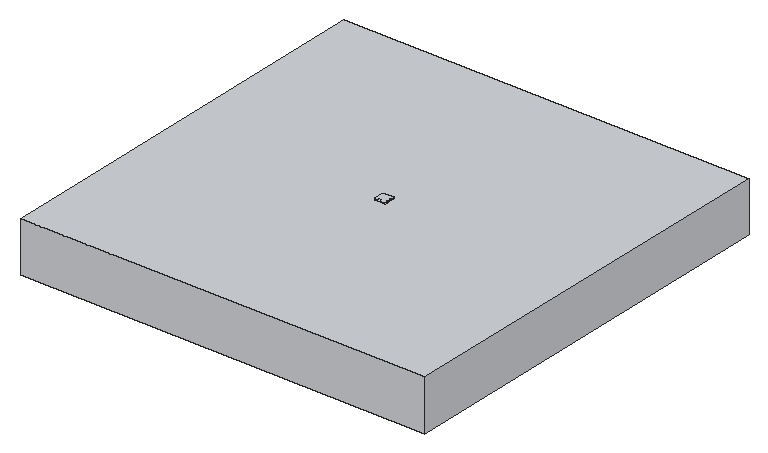
Revit family "Gira_202800", category Allgemeines Modell, Revit 2017
Family settings
  Basisbauteil = Fläche
  Kann Basisbauteil für Bewehrung sein = Nein
  Bemaßung runder Anschluss = Durchmesser verwenden
  Teiletyp = Normal
  Beim Laden mit Abzugskörper schneiden = Nein
  Gemeinsam genutzt = Nein
  Raumberechnungspunkt = Nein
Parameters
  Default Elevation = 1219.2 mm
  URL = "https://www.gira.de/"
  Typname = "DALI potentiom. pow.supply unit Insert"
  Type of load = "Other"
  Type of fastening = "Mounting with screw"
  Transparent = no
  Surface protection = "Other"
  Suitable for degree of protection (IP) = "IP20"
  Substation input = no
  Serial dimmer = no
  Productwebsite = "http://katalog.gira.de/en/datenblatt.html?artikelnr=202800"
  Nominal voltage [Volt] 1 = "[230:230]"
  Mounting method = "Flush mounted (plaster)"
  Method of operation = "Turn/push button"
  Material quality = "Other"
  Material = "Other"
  Light value memory = no
  Hersteller = "Gira"
  Halogen free = no
  HAN = "202800"
  GTIN = "4010337023456"
  Frequency [Hz] = "[50:60]"
  Dimming phase cut-on = no
  Dimming phase cut-off = no
  Data sheet = "https://katalog.gira.de/en/download.html?artikelnr=202800"
  Connection type = "Screwed terminal"
  Colour = "Other"
  Beschreibung = "DALI poti PSU Ins.,DALI potentiometer with integrated power supply unit,,,Features:,- For switching on off and adjusting brightness for lights with a DALI interface,- Integrated power supply according to DALI specification (DIN IEC 60926) for 26 DALI devices.,- Parallel connection of up to 4 DALI potentiometers with integrated power supply unit to supply up to 104 DALI devices.,- Can be operated simultaneously from several operating points. Communication is via Broadcast.,- A basic brightness or a switch-on brightness can be stored.,,Notes :,- When selecting the DALI power supply, the number of DALI devices and the DALI potentiometer (always counts as 1 device) must be considered."
  BIM = "https://media.stage.bim.site/public/gira/ad86d9f/Einsatz_1fach.rfa"
  Assembly arrangement = "Basic element"
  Applicable with transmission button = no
  Applicable with time switch/timer = no
  Applicable with presence indicator = no
  Applicable with movement sensor = no
  Applicable with infrared button = no
  Applicable with button = yes
  App control via Bluetooth = no
Reference planes
  plane 1 "Center (Front/Back)": y = 0
  plane 2: z = 0
  plane 3 "Center (Left/Right)": x = 0
Forms (mm)
  Extrusion 1, solid
    sketch origin (0, 0, 0) x (1, 0, 0) y (0, 1, 0)
      loop
        line (-1219.2, 1219.2) -> (-1219.2, -1219.2) -> (1219.2, -1219.2) -> (1219.2, 1219.2) -> (-1219.2, 1219.2)
    from 0 to -304.8
  Extrusion 2, solid, detail levels fine
    sketch origin (0, 0, 0) x (1, 0, 0) y (0, 1, 0)
      loop
        line (27.475, 35.475) -> (-27.475, 35.475)
        arc (-27.475, 35.475) -> (-33.132, 33.132) -> (-35.475, 27.475) r 8
        line (-35.475, 27.475) -> (-35.475, -27.475)
        arc (-35.475, -27.475) -> (-33.132, -33.132) -> (-27.475, -35.475) r 8
        line (-27.475, -35.475) -> (27.475, -35.475)
        arc (27.475, -35.475) -> (33.132, -33.132) -> (35.475, -27.475) r 8
        line (35.475, -27.475) -> (35.475, 27.475)
        arc (35.475, 27.475) -> (33.132, 33.132) -> (27.475, 35.475) r 8
    from 0 to 1.8
  Extrusion 3, solid, detail levels fine
    sketch origin (0, 0, 0) x (1, 0, 0) y (0, 1, 0)
      loop
        line (9.678, 25.4) -> (-9.678, 25.4)
        arc (-9.678, 25.4) -> (-12.885, 24.922) -> (-15.814, 23.53) r 11
        arc (-15.814, 23.53) -> (-17.795, 22.07) -> (-19.641, 20.444) r 28.35
        arc (-19.641, 20.444) -> (-21.339, 18.665) -> (-22.876, 16.745) r 28.35
        arc (-22.876, 16.745) -> (-24.456, 13.666) -> (-25, 10.248) r 11
        line (-25, 10.248) -> (-25, -10.248)
        arc (-25, -10.248) -> (-24.456, -13.666) -> (-22.876, -16.745) r 11
        arc (-22.876, -16.745) -> (-20.409, -19.677) -> (-17.569, -22.25) r 28.35
        line (-17.569, -22.25) -> (17.569, -22.25)
        arc (17.569, -22.25) -> (20.409, -19.677) -> (22.876, -16.745) r 28.35
        arc (22.876, -16.745) -> (24.456, -13.666) -> (25, -10.248) r 11
        line (25, -10.248) -> (25, 10.248)
        arc (25, 10.248) -> (24.456, 13.666) -> (22.876, 16.745) r 11
        arc (22.876, 16.745) -> (21.593, 18.37) -> (20.195, 19.897) r 28.35
        arc (20.195, 19.897) -> (18.096, 21.823) -> (15.814, 23.53) r 28.35
        arc (15.814, 23.53) -> (12.885, 24.922) -> (9.678, 25.4) r 11
    from 0 to -22
  Extrusion 4, solid, detail levels medium
    sketch origin (0, 0, 0) x (1, 0, 0) y (0, 1, 0)
      loop
        line (-25, 25.4) -> (-25, -22.25) -> (25, -22.25) -> (25, 25.4) -> (-25, 25.4)
    from 0 to -22
  Extrusion 5, solid, detail levels coarse
    sketch origin (0, 0, 0) x (1, 0, 0) y (0, 1, 0)
      loop
        line (35.475, 35.475) -> (-35.475, 35.475) -> (-35.475, -35.475) -> (35.475, -35.475) -> (35.475, 35.475)
    from -22 to 1.8
  Extrusion 6, solid, detail levels medium
    sketch origin (0, 0, 0) x (1, 0, 0) y (0, 1, 0)
      loop
        line (35.475, 35.475) -> (-35.475, 35.475) -> (-35.475, -35.475) -> (35.475, -35.475) -> (35.475, 35.475)
    from 0 to 1.8
Dimensions and locks
  aligned and locked: plane 2 to Extrusion 1
  aligned and locked: level to Extrusion 1
Connectors
  electrical at (0, 0, -22)
    settings: on Extrusion 5, index 1, voltage 220 V, apparent load 0 VA, apparent load phase1 0 VA, apparent load phase2 0 VA, apparent load phase3 0 VA, power factor 1, load classification "Other", number of poles 1, system type 30, power factor state 1, is connector primary yes, connector utility no, sub classification motor no, connector description ""
